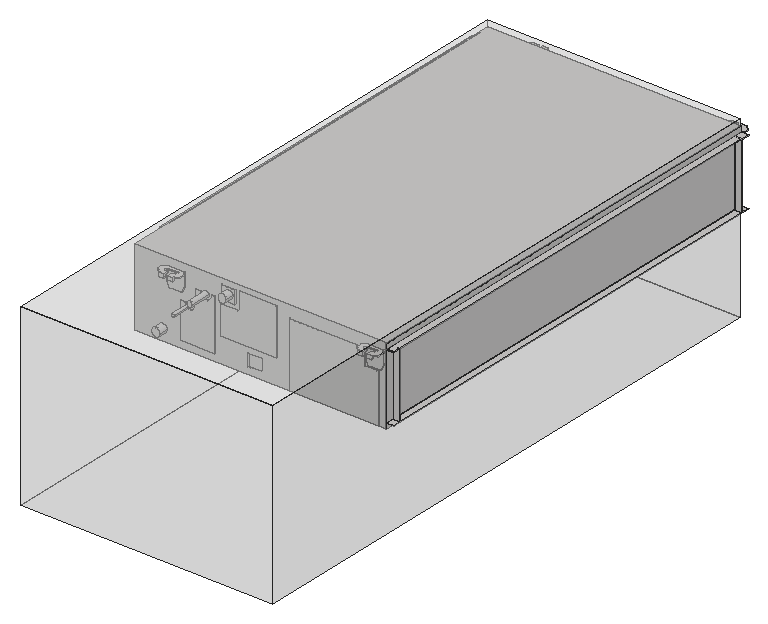
Revit family "outputfile", category 機械設備, Revit 2024
Family settings
  丸型コネクタ寸法 = 半径を使用
  パーツ タイプ = 標準
  OmniClass 番号 = 23.75.10.24.21.27.27
  OmniClass タイトル = Split System Air Conditioning Units
  作業面ベース = いいえ
  常に垂直 = はい
  ロード時にボイドで切り取り = いいえ
  注釈の向きを維持 = いいえ
  共有 = いいえ
  部屋計算ポイント = はい
Parameters (values of type "FBA85BVMA8")
  製造元 = "Daikin"
  書き出し IFC クラス(タイプ) = "IfcUnitaryEquipmentType"
  定義済み IFC タイプ(タイプ) = "AIRCONDITIONINGUNIT"
  モデル = "FBA85BVMA8"
  switch_frequency = yes
  r_Liquid Pipe Size = Liquid Pipe Size / 2  # 4.75 mm
  r_Gas Pipe Size = Gas Pipe Size / 2  # 7.95 mm
  r_Drain Pipe Size = Drain Pipe Size / 2  # 12.5 mm
  lw_power = 770.0 mm  # constant formula
  lh_SA = 138.0 mm  # constant formula
  lw_SA = if(Width = 550.0 mm, 225.0 mm, if(Width = 700.0 mm, 300.0 mm, if(Width = 1000.0 mm, 450.0 mm, if(Width = 1400.0 mm, 650.0 mm, 725.0 mm))))  # 650.0 mm
  lw_RA = if(Width = 550.0 mm, 275.0 mm, if(Width = 700.0 mm, 349.0 mm, if(Width = 1000.0 mm, 499.0 mm, if(Width = 1400.0 mm, 699.0 mm, 775.0 mm))))  # 699.0 mm
  lh_power = 60.0 mm + [h***]  # 60.0 mm
  lh_mountinghole1 = lh_mountinghole + [h***]  # 222.0 mm
  lh_RA = 123.0 mm  # constant formula
  ld_power = Width / 2  # 700.0 mm
  connector_voltage = Voltage_50Hz  # 230 V
  connector_powerinput = [Power Input (Cooling)]  # 2.640 kW
  connector_phase = Phase_50Hz  # 1
  Voltage_comment_60Hz = "220-230"
  Voltage_comment_50Hz = "220-240"
  Voltage_60Hz = 220 V
  Voltage_50Hz = 230 V
  Total Heating Capacity [instance] = 0.000 kW
  Supply Air Direction [instance] = yes
  Sound Power Level_H speed (dB) = 66
  Power Input (Heating) = 2.950 kW
  Phase_60Hz = 1
  Phase_50Hz = 1
  Nominal Heating Capacity = 10.000 kW
  Minimum External Static Pressure = 50.00 Pa
  Maximum External Static Pressure = 150.00 Pa
  Material_Casing = DAIKIN_GalvanizedSteel_Casing_indoorunit
  lw_mountinghole = 630.0 mm  # constant formula
  lh_gaspipe = 183.0 mm + [h***]  # 183.0 mm
  lh_mountinghole = 222.0 mm  # constant formula
  lh_liquidpipe = 136.0 mm + [h***]  # 136.0 mm
  lh_drainpipe = 207.0 mm + [h***]  # 207.0 mm
  lh_antena = Height - lh_mountinghole + 1.0 mm  # 24.0 mm
  ld_drainpipe = Width / 2 + 26.0 mm  # 726.0 mm
  ld_liquidpipe = Width / 2 + 69.0 mm  # 769.0 mm
  ld_gaspipe = Width / 2 + 65.0 mm  # 765.0 mm
  ld_mountinghole = Width + 38.0 mm  # 1438.0 mm
  h*** = 0.0 mm  # constant formula
  lw_liquidpipe = 179.0 mm  # constant formula
  lw_gaspipe = 229.0 mm  # constant formula
  lw_drainpipe = 300.0 mm  # constant formula
  Width = 1400.0 mm
  Version = "ver.1.0"
  Unit Type = "Duct"
  Unit Mass Weight = 47.00 kg
  Unit Designation [instance] = ""
  Uniclass2015Version = "Products v1.30"
  Uniclass2015Title = "Split coil room air conditioning units"
  Uniclass2015Code = "Pr_70_65_03_86"
  Total Cooling Capacity [instance] = 0.000 kW
  Sound Pressure Level_M speed (dBA) = 35.5
  Sound Pressure Level_L speed (dBA) = 33
  Sound Pressure Level_H speed (dBA) = 38
  Series = "SkyAir_Fan Coil Unit"
  Sensible Cooling Capacity [instance] = 0.000 kW
  SA Duct Size Width = 1192.0 mm
  SA Duct Size Height = 176.0 mm
  Refrigerant Type = "R32"
  RA Duct Size Width = 1352.0 mm
  RA Duct Size Height = 208.0 mm
  Power Input (Cooling) = 2.640 kW
  Option Accessory 3 [instance] = ""
  Option Accessory 2 [instance] = ""
  Option Accessory 1 [instance] = ""
  Nominal Cooling Capacity = 8.500 kW
  Minimum Airflow = 1350.00 m³/h
  Median Airflow = 1620.00 m³/h
  Maximum Airflow = 1920.00 m³/h
  Load Classification = HVAC
  Liquid Pipe Size = 9.5 mm
  Link_Nested Family [instance] = ""
  IfcVersion = ""
  IfcExportType = "AIRCONDITIONINGUNIT"
  IfcExportAs = "IfcUnitaryEquipmentType"
  Height = 245.0 mm
  Heating Entering Wet Bulb Temperature [instance] = -273.15 °C
  Heating Entering Dry Bulb Temperature [instance] = -273.15 °C
  Heating Ambient Wet Bulb Temperature [instance] = -273.15 °C
  Heating Ambient Dry Bulb Temperature [instance] = -273.15 °C
  Heat Exchanger Type = "Cross Fin Coil"
  Gas Pipe Size = 15.9 mm
  Frequency_60Hz = 60 Hz
  Frequency_50Hz = 50 Hz
  Fan Type = "Sirocco Fan"
  Fan Drive = "Direct Drive"
  FCU Tag No. [instance] = ""
  Drain Pipe Size = 25.0 mm
  Design Supply Airflow [instance] = 0.00 m³/h
  Design Return Airflow [instance] = 0.00 m³/h
  Design External Static Pressure [instance] = 0.00 Pa
  Depth = 800.0 mm
  既定の高さ = 0.0 mm
  Cooling Entering Wet Bulb Temperature [instance] = 0.00 °C
  Cooling Entering Dry Bulb Temperature [instance] = 0.00 °C
  Cooling Ambient Wet Bulb Temperature [instance] = 0.00 °C
  Cooling Ambient Dry Bulb Temperature [instance] = 0.00 °C
  Clearance visibility [instance] = yes
  Clearance Top = 20.0 mm
  Clearance Right = 0.0 mm
  Clearance Rear = 0.0 mm
  Clearance Left = 0.0 mm
  Clearance Front = 450.0 mm
  Clearance Bottom = 300.0 mm
Reference planes
  plane 1 "Center (Front/Back)": y = 0
  plane 2 "h": z = 0
  plane 3 "Center (Left/Right)": x = 0
  plane 4 "Back": y = 700
  plane 5 "Front": y = -700
  plane 6 "Left": x = -400
  plane 7 "Right": x = 400
  plane 8 "Top": z = 0
  plane 9 "Bottom": z = -245
  plane 10: y = -215
  plane 11: y = 700
  plane 12: y = -1150
  plane 13: x = -400
  plane 14: x = 400
  plane 15: z = 20
  plane 16: z = -545
  plane 17: x = -400
  plane 18: x = -399
  plane 19: x = 399
  plane 20: y = 50
  plane 21: y = -1
  plane 22: z = -122
  plane 23: y = -701
  plane 24: z = -109
  plane 25: x = -221
  plane 26: y = -765
  plane 27: z = -62
  plane 28: x = -171
  plane 29: y = -726
  plane 30: z = -38
  plane 31: x = -100
  plane 32: x = -100
  plane 33: x = -221
  plane 34: x = -171
  plane 35: x = 370
  plane 36: x = -266
  plane 37: x = 364
  plane 38: y = -719
  plane 39: y = 719
  plane 40: z = -23
  plane 41: z = -107
  plane 42: y = -769
  plane 43: z = -207
  plane 44: x = -309
  plane 45: y = -376
  plane 46: x = -251
  plane 47: x = -203
  plane 48: x = -144
  plane 49: z = -59
  plane 50: z = -106
  plane 51: z = -221
  plane 52: z = -109
  plane 53: x = -221
  plane 54: z = -62
  plane 55: x = -171
  plane 56: z = -17
  plane 57: z = -59
  plane 58: x = -121
  plane 59: x = -79
  plane 60: x = -125
  plane 61: x = -64
  plane 62: x = 53
  plane 63: z = -164
  plane 64: z = -73
  plane 65: z = -16
  plane 66: x = 93.5
  plane 67: x = 374.5
  plane 68: x = 330
  plane 69: z = -88.5
  plane 70: z = -38
  plane 71: z = -242.5
  plane 72: x = -38.5
  plane 73: x = 6.5
  plane 74: z = -181
  plane 75: z = -221
  plane 76: y = -699
  plane 77: x = -424
  plane 78: x = 424
Forms (mm)
  Extrusion 1, solid, material "DAIKIN_GalvanizedSteel_Casing_indoorunit" <- "Material_Casing"
    sketch origin (0, 0, 0) x (1, 0, 0) y (0, 1, 0)
      loop
        line (-399, 700) -> (-399, -700) -> (399, -700) -> (399, 700) -> (-399, 700)
    from -245 to 0
  Extrusion 2, solid, material "DAIKIN_GalvanizedSteel_Casing_indoorunit" <- "Material_Casing"
    sketch origin (0, 0, 0) x (1, 0, 0) y (0, 0, 1)
      loop
        line (-251, -221) -> (-144, -221) -> (-144, -59) -> (-154.47, -59)
        arc (-154.47, -59) -> (-171, -78.8) -> (-187.53, -59) r 16.8
        line (-187.53, -59) -> (-203, -59) -> (-203, -106) -> (-206.916, -106)
        arc (-206.916, -106) -> (-221, -123.4) -> (-235.084, -106) r 14.4
        line (-235.084, -106) -> (-251, -106) -> (-251, -221)
    from 700 to 701
  Extrusion 3, solid, material "DAIKIN_GalvanizedSteel_Casing_indoorunit" <- "Material_Casing"
    sketch origin (0, 0, 0) x (1, 0, 0) y (0, 0, 1)
      loop
        line (-121, -17) -> (-121, -59) -> (-79, -59) -> (-79, -17) -> (-121, -17)
      loop
        line (-125, -73) -> (-125, -164) -> (53, -164) -> (53, -16) -> (-64, -16) -> (-64, -73) -> (-125, -73)
    from 700 to 701
  Extrusion 4, solid, material "DAIKIN_GalvanizedSteel_Casing_indoorunit" <- "Material_Casing"
    sketch origin (0, 0, 0) x (1, 0, 0) y (0, 0, 1)
      loop
        line (93.5, -38) -> (93.5, -242.5) -> (374.5, -242.5) -> (374.5, -88.5) -> (330, -88.5) -> (330, -38) -> (93.5, -38)
    from 700 to 701
  Extrusion 5, solid, material "DAIKIN_GalvanizedSteel_Casing_indoorunit" <- "Material_Casing"
    sketch origin (0, 0, 0) x (1, 0, 0) y (0, 0, 1)
      loop
        circle (-221, -109) r 4.75
    from 700 to 769
  Extrusion 6, solid, material "DAIKIN_GalvanizedSteel_Casing_indoorunit" <- "Material_Casing"
    sketch origin (0, 0, 0) x (1, 0, 0) y (0, 0, 1)
      loop
        circle (-171, -62) r 7.95
    from 700 to 765
  Extrusion 7, solid, material "DAIKIN_GalvanizedSteel_Casing_indoorunit" <- "Material_Casing"
    sketch origin (0, 0, 0) x (1, 0, 0) y (0, 0, 1)
      loop
        circle (-100, -38) r 12.5
    from 701 to 726
  Extrusion 8, solid, material "DAIKIN_GalvanizedSteel_Casing_indoorunit" <- "Material_Casing"
    sketch origin (0, 0, 0) x (1, 0, 0) y (0, 0, 1)
      loop
        circle (-309, -207) r 13
    from 700 to 726
  Extrusion 9, void
    sketch origin (0, 0, 0) x (1, 0, 0) y (0, 0, 1)
      loop
        line (-38.5, -181) -> (-38.5, -221) -> (6.5, -221) -> (6.5, -181) -> (-38.5, -181)
    from 699 to 700
Cuts and joins
  Extrusion 9 cuts Extrusion 1
Dimensions and locks
  "Height": plane 8 "Top" to plane 9 "Bottom"
  equal spacing: plane 4 "Back", plane 1 "Center (Front/Back)", plane 5 "Front"
  "Width": plane 4 "Back" to plane 5 "Front"
  equal spacing: plane 6 "Left", plane 3 "Center (Left/Right)", plane 7 "Right"
  "Depth": plane 6 "Left" to plane 7 "Right"
  "Clearance Left": plane 13 to plane 6 "Left"
  "Clearance Right": plane 7 "Right" to plane 14
  "Clearance Rear": plane 11 to plane 4 "Back"
  "Clearance Front": plane 5 "Front" to plane 12
  "Clearance Top": plane 15 to plane 8 "Top"
  "Clearance Bottom": plane 9 "Bottom" to plane 16
  locked: plane 17 to plane 18 at 1
  locked: plane 19 to plane 14 at 1
  "lw_SA": plane 11 to plane 20
  "lw_RA": plane 21 to plane 5 "Front"
  "lh_RA": plane 22 to plane 9 "Bottom"
  locked: plane 5 "Front" to plane 23 at 1
  "lw_liquidpipe": plane 25 to plane 6 "Left"
  "lh_liquidpipe": plane 24 to plane 9 "Bottom"
  "lh_gaspipe": plane 27 to plane 9 "Bottom"
  "lw_gaspipe": plane 28 to plane 6 "Left"
  "ld_gaspipe": plane 26 to plane 1 "Center (Front/Back)"
  "ld_drainpipe": plane 29 to plane 1 "Center (Front/Back)"
  "lh_drainpipe": plane 30 to plane 9 "Bottom"
  "lw_drainpipe": plane 31 to plane 6 "Left"
  "lw_drainpipe": plane 6 "Left" to plane 32
  "lw_liquidpipe": plane 6 "Left" to plane 33
  "lw_gaspipe": plane 6 "Left" to plane 34
  "lw_power": plane 6 "Left" to plane 35
  locked: plane 17 to plane 36 at 134
  "lw_mountinghole": plane 36 to plane 37
  equal spacing: plane 38, plane 1 "Center (Front/Back)", plane 39
  "ld_mountinghole": plane 39 to plane 38
  "lh_mountinghole": plane 40 to plane 9 "Bottom"
  "lh_SA": plane 41 to plane 9 "Bottom"
  locked: plane 44 to plane 6 "Left" at 91
  locked: plane 43 to plane 9 "Bottom" at 38
  plane 48 to plane 47 to plane 46 to plane 6 "Left" = 59.0 mm, 48.0 mm, 149.0 mm
  plane 8 "Top" to plane 49 to plane 50 to plane 51 = 59.0 mm locked, 47.0 mm locked, 115.0 mm locked
  plane 55 to plane 53 to plane 6 "Left" = 50.0 mm locked, 179.0 mm locked
  plane 54 to plane 52 to plane 9 "Bottom" = 47.0 mm locked, 136.0 mm locked
  plane 59 to plane 58 to plane 6 "Left" = 42.0 mm locked, 279.0 mm locked
  plane 8 "Top" to plane 56 to plane 57 = 17.0 mm locked, 42.0 mm locked
  plane 62 to plane 61 to plane 60 to plane 6 "Left" = 117.0 mm, 61.0 mm, 275.0 mm
  plane 8 "Top" to plane 65 to plane 64 = 16.0 mm locked, 57.0 mm locked
  locked: plane 65 to plane 63 at 148
  plane 8 "Top" to plane 70 to plane 69 to plane 71 = 38.0 mm locked, 50.5 mm locked, 154.0 mm locked
  plane 67 to plane 68 to plane 66 to plane 6 "Left" = 44.5 mm locked, 236.5 mm locked, 493.5 mm locked
  plane 8 "Top" to plane 74 to plane 75 = 181.0 mm locked, 40.0 mm locked
  plane 73 to plane 72 to plane 6 "Left" = 45.0 mm, 361.5 mm
  locked: plane 76 to plane 5 "Front" at 1
  locked: plane 77 to plane 17 at 24
  locked: plane 14 to plane 78 at 24
  "ld_liquidpipe": plane 42 to plane 1 "Center (Front/Back)"
  "r_Liquid Pipe Size": radius of Extrusion 5 sketch curve
  "r_Gas Pipe Size": radius of Extrusion 6 sketch curve
  "r_Drain Pipe Size": radius of Extrusion 7 sketch curve
  aligned and locked: level to plane 2 "h"
  aligned and locked: plane 8 "Top" to Extrusion 1
  aligned and locked: Extrusion 1 to plane 9 "Bottom"
  aligned and locked: nested 5 to plane 12
  aligned and locked: plane 13 to nested 5
  aligned and locked: plane 14 to nested 5
  aligned and locked: nested 5 to plane 13
  aligned and locked: plane 11 to nested 5
  aligned and locked: plane 15 to nested 5
  aligned and locked: plane 16 to nested 5
  aligned and locked: plane 5 "Front" to Extrusion 1 sketch curve
  aligned and locked: Extrusion 1 to plane 18
  aligned and locked: plane 19 to Extrusion 1
  aligned and locked: nested 7 to plane 18
  aligned and locked: nested 7 to plane 20
  aligned and locked: plane 19 to nested 8
  aligned and locked: plane 21 to nested 8
  aligned and locked: plane 22 to nested 8
  aligned and locked: Extrusion 2 to plane 23
  aligned and locked: plane 5 "Front" to Extrusion 2
  aligned and locked: Extrusion 3 to plane 23
  aligned and locked: plane 5 "Front" to Extrusion 3
  aligned and locked: plane 5 "Front" to Extrusion 4
  aligned and locked: Extrusion 5 sketch curve to plane 25
  aligned and locked: plane 24 to Extrusion 5 sketch curve
  aligned and locked: plane 5 "Front" to Extrusion 5
  aligned and locked: Extrusion 6 sketch curve to plane 28
  aligned and locked: plane 27 to Extrusion 6 sketch curve
  aligned and locked: plane 5 "Front" to Extrusion 6
  aligned and locked: Extrusion 7 sketch curve to plane 31
  aligned and locked: Extrusion 7 sketch curve to plane 30
  aligned and locked: Extrusion 7 to plane 29
  aligned and locked: plane 23 to Extrusion 7
  aligned and locked: nested 3 to plane 29
  aligned and locked: nested 3 to plane 32
  aligned and locked: nested 2 to plane 33
  aligned and locked: nested 1 to plane 34
  aligned and locked: Extrusion 6 to plane 26
  aligned and locked: nested 1 to plane 26
  aligned and locked: nested 6 to plane 5 "Front"
  aligned and locked: nested 6 to plane 35
  aligned and locked: plane 36 to nested 10
  aligned and locked: nested 10 to plane 5 "Front"
  aligned and locked: plane 37 to nested 9
  aligned and locked: nested 9 to plane 5 "Front"
  aligned and locked: nested 11 to plane 36
  aligned and locked: plane 4 "Back" to nested 11
  aligned and locked: nested 12 to plane 37
  aligned and locked: plane 4 "Back" to nested 12
  aligned and locked: plane 40 to nested 10
  aligned and locked: plane 40 to nested 11
  aligned and locked: plane 40 to nested 9
  aligned and locked: plane 40 to nested 12
  aligned and locked: plane 36 to nested 14
  aligned and locked: nested 14 to plane 39
  aligned and locked: plane 37 to nested 13
  aligned and locked: nested 13 to plane 39
  aligned and locked: plane 37 to nested 16
  aligned and locked: plane 38 to nested 16
  aligned and locked: plane 38 to nested 15
  aligned and locked: plane 36 to nested 15
  aligned and locked: plane 17 to plane 6 "Left"
  aligned and locked: plane 41 to nested 7
  aligned and locked: Extrusion 5 to plane 42
  aligned and locked: nested 2 to plane 42
  aligned and locked: Extrusion 8 sketch curve to plane 44
  aligned and locked: plane 43 to Extrusion 8 sketch curve
  aligned and locked: plane 5 "Front" to Extrusion 8
  aligned and locked: Extrusion 3 sketch curve to plane 56
  aligned and locked: Extrusion 3 sketch curve to plane 58
  aligned and locked: plane 57 to Extrusion 3 sketch curve
  aligned and locked: plane 59 to Extrusion 3 sketch curve
  aligned and locked: Extrusion 4 to plane 23
  aligned and locked: Extrusion 9 sketch curve to plane 74
  aligned and locked: plane 75 to Extrusion 9 sketch curve
  aligned and locked: plane 73 to Extrusion 9 sketch curve
  aligned and locked: plane 5 "Front" to Extrusion 9
  aligned and locked: plane 76 to Extrusion 9
  aligned and locked: nested 17 to plane 20
  aligned and locked: nested 17 to plane 77
  aligned and locked: plane 21 to nested 18
  aligned and locked: plane 78 to nested 18
  aligned and locked: plane 41 to nested 17
  aligned and locked: nested 18 to plane 22
  aligned and locked: nested 4 to plane 3 "Center (Left/Right)"
  aligned and locked: plane 1 "Center (Front/Back)" to nested 4
  aligned and locked: level to plane 8 "Top"
  aligned and locked: Extrusion 8 to plane 29
Automatic sketch dimensions
  plane 6 "Left" to Extrusion 1 sketch curve = 1.0 mm
  Extrusion 1 sketch curve to plane 7 "Right" = 1.0 mm
  Extrusion 1 sketch curve to plane 4 "Back" = 0.0 mm
  Extrusion 2 sketch curve to plane 46 = 0.0 mm
  Extrusion 2 sketch curve to plane 33 = 0.0 mm
  Extrusion 2 sketch curve to plane 47 = 0.0 mm
  Extrusion 2 sketch curve to plane 34 = 0.0 mm
  Extrusion 2 sketch curve to plane 48 = 0.0 mm
  Extrusion 2 sketch curve to plane 51 = 0.0 mm
  Extrusion 2 sketch curve to plane 52 = 0.0 mm
  Extrusion 2 sketch curve to plane 50 = 0.0 mm  (x3)
  Extrusion 2 sketch curve to plane 54 = 0.0 mm
  Extrusion 2 sketch curve to plane 49 = 0.0 mm  (x3)
  plane 33 to Extrusion 2 sketch curve = 14.084 mm
  plane 34 to Extrusion 2 sketch curve = 16.53 mm
  Extrusion 3 sketch curve to plane 60 = 0.0 mm
  Extrusion 3 sketch curve to plane 61 = 0.0 mm
  Extrusion 3 sketch curve to plane 62 = 0.0 mm
  Extrusion 3 sketch curve to plane 63 = 0.0 mm
  Extrusion 3 sketch curve to plane 64 = 0.0 mm
  Extrusion 3 sketch curve to plane 65 = 0.0 mm
  Extrusion 4 sketch curve to plane 66 = 0.0 mm
  Extrusion 4 sketch curve to plane 68 = 0.0 mm
  Extrusion 4 sketch curve to plane 67 = 0.0 mm
  Extrusion 4 sketch curve to plane 71 = 0.0 mm
  Extrusion 4 sketch curve to plane 69 = 0.0 mm
  Extrusion 4 sketch curve to plane 70 = 0.0 mm
  Extrusion 9 sketch curve to plane 72 = 0.0 mm
  radius of Extrusion 8 sketch curve = 13.0 mm
Nested families
  nested 1: "daikin_connector_rotate2" at (-171, 0, -62), length <- "ld_gaspipe", built-in parameter 1001364 <- "lh_gaspipe", radius <- "r_Gas Pipe Size", type "daikin_connector_rotate2"
    with radius 7.95 mm, length 765.0 mm, angle_vertical 90.00°
  nested 2: "daikin_connector_rotate2" at (-221, 0, -109), length <- "ld_liquidpipe", built-in parameter 1001364 <- "lh_liquidpipe", radius <- "r_Liquid Pipe Size", type "daikin_connector_rotate2"
    with radius 4.75 mm, length 769.0 mm, angle_vertical 90.00°
  nested 3: "daikin_connector_rotate2" at (-100, 0, -38), length <- "ld_drainpipe", built-in parameter 1001364 <- "lh_drainpipe", radius <- "r_Drain Pipe Size", type "daikin_connector_rotate2"
    with radius 12.5 mm, length 726.0 mm, angle_vertical 90.00°
  nested 4: "daikin_△_symbolicline" at (0, 0, 245) x (0, -1, 0) z (0, 0, 1), built-in parameter 1001364 <- "Height", visible <- "Supply Air Direction", type "daikin_△_symbolicline"
    with length 200.0 mm
  nested 5: "daikin_clearancespace" at (0, -225, -262.381), visible <- "Clearance visibility", show <- "Clearance visibility", Link_Nested Family <- "Link_Nested Family", type "daikin_clearancespace"
    with width 800.0 mm, show yes, height 565.0 mm, depth 1850.0 mm, Link_Nested Family ""
  nested 6: "daikin_connector_rotate2" at (370, 0, -185), built-in parameter 1001364 <- "lh_power", length <- "ld_power", type "daikin_connector_rotate2"
    with radius 10.0 mm, length 700.0 mm, angle_vertical 90.00°
  nested 7: "daikin_ductflange_FBA-BVMA8_2" at (-399, 50, -107) x (0, -1, 0) z (0, 0, 1), type "daikin_ductflange_FBA-BVMA8_2"
  nested 8: "daikin_ductflange_FBA-BVMA8" at (399, -1, -122) x (0, 1, 0) z (0, 0, 1), type "daikin_ductflange_FBA-BVMA8"
    with width 1352.0 mm, lw 25.0 mm, w 1400.0 mm
  nested 9: "daikin_hangerfixture_FBA-BVMA8" at (364, -700, -23), type "daikin_hangerfixture_FBA-BVMA8"
  nested 10: "daikin_hangerfixture_FBA-BVMA8" at (-266, -700, -23), type "daikin_hangerfixture_FBA-BVMA8"
  nested 11: "daikin_hangerfixture_FBA-BVMA8" at (-266, 700, -23) x (-1, 0, 0) z (0, 0, 1), type "daikin_hangerfixture_FBA-BVMA8"
  nested 12: "daikin_hangerfixture_FBA-BVMA8" at (364, 700, -23) x (-1, 0, 0) z (0, 0, 1), type "daikin_hangerfixture_FBA-BVMA8"
  nested 13: "daikin_mountinghole" at (364, 719, -245), h_mountinghole <- "lh_mountinghole1", l_antenna <- "lh_antena", Link_Nested Family <- "Link_Nested Family", type "daikin_mountinghole"
    with show yes, l_antenna 24.0 mm, h_mountinghole 222.0 mm, Link_Nested Family ""
  nested 14: "daikin_mountinghole" at (-266, 719, -245), h_mountinghole <- "lh_mountinghole1", l_antenna <- "lh_antena", Link_Nested Family <- "Link_Nested Family", type "daikin_mountinghole"
    with show yes, l_antenna 24.0 mm, h_mountinghole 222.0 mm, Link_Nested Family ""
  nested 15: "daikin_mountinghole" at (-266, -719, -245), h_mountinghole <- "lh_mountinghole1", l_antenna <- "lh_antena", Link_Nested Family <- "Link_Nested Family", type "daikin_mountinghole"
    with show yes, l_antenna 24.0 mm, h_mountinghole 222.0 mm, Link_Nested Family ""
  nested 16: "daikin_mountinghole" at (364, -719, -245), h_mountinghole <- "lh_mountinghole1", l_antenna <- "lh_antena", Link_Nested Family <- "Link_Nested Family", type "daikin_mountinghole"
    with show yes, l_antenna 24.0 mm, h_mountinghole 222.0 mm, Link_Nested Family ""
  nested 17: "daikin_connector_rotate2" at (-400, 50, -107) x (0, -1, 0) z (0, 0, 1), type "daikin_connector_rotate2"
    with radius 10.0 mm, length 24.0 mm, angle_vertical 90.00°
  nested 18: "daikin_connector_rotate2" at (400, -1, -122) x (0, 1, 0) z (0, 0, 1), type "daikin_connector_rotate2"
    with radius 10.0 mm, length 24.0 mm, angle_vertical 90.00°
Connectors
  piping at (-100, -726, -38), diameter 25, driven by "r_Drain Pipe Size"
    settings: on nested 3, index 3, connector inside diameter 609.6 mm, connector length 0.0 mm, flow factor 0, pipe flow 0.00 m³/h, pressure drop 0.0 Pa, fitting loss kfactor 0, connector angle 0.00°, fixture units 0, engagement length 0.0 mm, angle of deflection 0.00°, flow configuration 1, flow direction 2, fitting loss method 4, system type 16, joint type 0, gender type 0, connector reference index -1, connector utility 0, adjustable connector no, is connector primary yes, connector description "Condensate Drain Piping"
  piping at (-171, -765, -62), diameter 15.9, driven by "r_Gas Pipe Size"
    settings: on nested 1, index 4, connector inside diameter 609.6 mm, connector length 0.0 mm, flow factor 0, pipe flow 0.00 m³/h, pressure drop 0.0 Pa, fitting loss kfactor 0, connector angle 0.00°, fixture units 0, engagement length 0.0 mm, angle of deflection 0.00°, flow configuration 1, flow direction 2, fitting loss method 0, system type 29, joint type 0, gender type 0, connector reference index -1, connector utility 0, adjustable connector no, is connector primary no, connector description "Refrigerant Gas Piping"
  piping at (-221, -769, -109), diameter 9.5, driven by "r_Liquid Pipe Size"
    settings: on nested 2, index 5, connector inside diameter 609.6 mm, connector length 0.0 mm, flow factor 0, pipe flow 0.00 m³/h, pressure drop 0.0 Pa, fitting loss kfactor 0, connector angle 0.00°, fixture units 0, engagement length 0.0 mm, angle of deflection 0.00°, flow configuration 1, flow direction 1, fitting loss method 0, system type 29, joint type 0, gender type 0, connector reference index -1, connector utility 0, adjustable connector no, is connector primary no, connector description "Refrigerant Liquid Piping"
  electrical at (370, -700, -185), driven by "Load Classification", driven by "connector_voltage", driven by "connector_phase", driven by "connector_powerinput"
    settings: on nested 6, index 6, voltage 230 V, apparent load 2640 VA, apparent load phase1 0 VA, apparent load phase2 0 VA, apparent load phase3 0 VA, power factor 1, load classification "HVAC", number of poles 1, system type 30, power factor state 1, is connector primary yes, connector utility no, sub classification motor no, connector description "Power Supply"
  hvac at (-424, 50, -107), driven by "SA Duct Size Height", driven by "SA Duct Size Width"
    settings: on nested 17, index 7, duct flow 0.00 m³/h, flow factor 0, pres drop 0.00 Pa, loss coef 0, conn angle 0.00°, conn width 1192.0 mm, conn height 176.0 mm, conn diameter 609.6 mm, duct sys type 1, conn prof type 1, flow config 0, flow direction 2, loss method 4, conn ref index -1, conn util no, is conn primary yes, conn desc "SA Duct"
  hvac at (424, -1, -122), driven by "RA Duct Size Height", driven by "RA Duct Size Width"
    settings: on nested 18, index 8, duct flow 0.00 m³/h, flow factor 0, pres drop 0.00 Pa, loss coef 0, conn angle 0.00°, conn width 1352.0 mm, conn height 208.0 mm, conn diameter 609.6 mm, duct sys type 2, conn prof type 1, flow config 0, flow direction 1, loss method 4, conn ref index -1, conn util no, is conn primary no, conn desc "RA Duct"
Definition of nested family "daikin_clearancespace"
  Parameters (values of type "daikin_clearancespace")
    Description = "daikin_clearancespace"
    width [instance] = 1823.963 mm
    show [instance] = yes
    material = none
    height [instance] = 1359.762 mm
    depth [instance] = 880.0 mm
    Default Elevation = 0.0 mm
    Link_Nested Family [instance] = ""
  Reference planes
    plane 1 "Center (Front/Back)": y = 0
    plane 2 "Center (Elevation)": z = -0.119
    plane 3 "Center (Left/Right)": x = 0
    plane 4: y = 440
    plane 5: y = -440
    plane 6 "Right": x = 911.982
    plane 7 "Left": x = -911.982
    plane 8 "Top": z = 679.762
    plane 9 "Bottom": z = -680
  Forms (mm)
    Extrusion 1, solid, material <- "material", visible <- "show"
      sketch origin (0, 0, 0) x (1, 0, 0) y (0, 1, 0)
        loop
          line (-911.982, 440) -> (-911.982, -440) -> (911.982, -440) -> (911.982, 440) -> (-911.982, 440)
      from -680 to 679.762
  Lines and regions (mm)
    symbolic lines, visible <- "show"
      curve 1: line (911.982, 440, 0) -> (-911.982, 440, 0)
      curve 2: line (-911.982, 440, 0) -> (-911.982, -440, 0)
      curve 3: line (-911.982, -440, 0) -> (911.982, -440, 0)
      curve 4: line (911.982, -440, 0) -> (911.982, 440, 0)
      curve 5: line (911.982, 0, 679.762) -> (-911.982, 0, 679.762)
      curve 6: line (911.982, 0, -680) -> (911.982, 0, 679.762)
      curve 7: line (-911.982, 0, -680) -> (911.982, 0, -680)
      curve 8: line (-911.982, 0, 679.762) -> (-911.982, 0, -680)
      curve 9: line (0, 440, 679.762) -> (0, -440, 679.762)
      curve 10: line (0, -440, 679.762) -> (0, -440, -680)
      curve 11: line (0, 440, -680) -> (0, 440, 679.762)
      curve 12: line (0, -440, -680) -> (0, 440, -680)
  Dimensions and locks
    "width": plane 7 "Left" to plane 6 "Right"
    "depth": plane 4 to plane 5
    "height": plane 8 "Top" to plane 9 "Bottom"
    equal spacing: plane 7 "Left", plane 3 "Center (Left/Right)", plane 6 "Right"
    equal spacing: plane 4, plane 1 "Center (Front/Back)", plane 5
    equal spacing: plane 8 "Top", plane 2 "Center (Elevation)", plane 9 "Bottom"
    aligned and locked: level to plane 2 "Center (Elevation)"
    aligned and locked: Extrusion 1 sketch curve to plane 4
    aligned and locked: plane 7 "Left" to Extrusion 1 sketch curve
    aligned and locked: Extrusion 1 sketch curve to plane 5
    aligned and locked: Extrusion 1 sketch curve to plane 6 "Right"
    aligned and locked: plane 8 "Top" to Extrusion 1
    aligned and locked: curve 1 to Extrusion 1
    aligned and locked: curve 2 to Extrusion 1
    aligned and locked: curve 3 to Extrusion 1
    aligned and locked: curve 4 to Extrusion 1
    aligned and locked: curve 5 to Extrusion 1
    aligned and locked: curve 6 to Extrusion 1
    aligned and locked: curve 7 to Extrusion 1
    aligned and locked: curve 8 to Extrusion 1
    aligned and locked: curve 9 to Extrusion 1
    aligned and locked: curve 10 to Extrusion 1
    aligned and locked: curve 11 to Extrusion 1
    aligned and locked: curve 12 to Extrusion 1
    aligned and locked: Extrusion 1 to plane 9 "Bottom"
Definition of nested family "daikin_ductflange_FBA-BVMA8_2"
  Parameters (values of type "daikin_ductflange_FBFC-DVMG2")
    width = if(w = 550.0 mm, 337.0 mm, if(w = 700.0 mm, 492.0 mm, if(w = 1000.0 mm, 792.0 mm, if(w = 1400.0 mm, 1192.0 mm, 1337.0 mm))))  # 1192.0 mm
    material = none
    height = 215.0 mm
    depth = 1.0 mm
    w = 1400.0 mm
    Default Elevation = 0.0 mm
  Reference planes
    plane 1 "Center (Front/Back)": y = 0
    plane 2: z = 0
    plane 3 "Center (Left/Right)": x = 0
    plane 4: z = 88
    plane 5: z = -88
    plane 6: y = -25
    plane 7: z = 106
    plane 8: z = 89
    plane 9: y = -1
    plane 10: x = -617.5
    plane 11: x = 617.5
    plane 12: z = -106
    plane 13: z = -89
    plane 14: y = -1
    plane 15: x = 596
    plane 16: x = -596
    plane 17: x = 597
    plane 18: z = 87
    plane 19: z = -87
    plane 20: x = -597
    plane 21: z = 87
    plane 22: z = -87
    plane 23: y = -1
  Forms (mm)
    Extrusion 1, solid, material <- "material"
      sketch origin (0, 0, 0) x (0, 1, 0) y (0, 0, 1)
        loop
          line (-25, 88) -> (0, 88) -> (0, 106) -> (-1, 106) -> (-1, 89) -> (-25, 89) -> (-25, 88)
      from -617.5 to 617.5
    Extrusion 2, solid, material <- "material"
      sketch origin (0, 0, 0) x (0, 1, 0) y (0, 0, 1)
        loop
          line (-25, -88) -> (-25, -89) -> (-1, -89) -> (-1, -106) -> (0, -106) -> (0, -88) -> (-25, -88)
      from -617.5 to 617.5
    Extrusion 3, solid, material <- "material"
      sketch origin (0, 0, 0) x (1, 0, 0) y (0, 0, 1)
        loop
          line (596, 88) -> (596, -88) -> (617.5, -88) -> (617.5, -87) -> (597, -87) -> (597, 87) -> (617.5, 87) -> (617.5, 88) -> (596, 88)
      from 0 to 25
    Extrusion 4, solid, material <- "material"
      sketch origin (0, 0, 0) x (1, 0, 0) y (0, 0, 1)
        loop
          line (-617.5, 88) -> (-617.5, 87) -> (-597, 87) -> (-597, -87) -> (-617.5, -87) -> (-617.5, -88) -> (-596, -88) -> (-596, 88) -> (-617.5, 88)
      from 0 to 25
    Extrusion 5, solid, material <- "material"
      sketch origin (0, 0, 0) x (1, 0, 0) y (0, 0, 1)
        loop
          line (-617.5, 88) -> (-617.5, -88) -> (-596, -88) -> (-596, 88) -> (-617.5, 88)
        loop
          line (617.5, 88) -> (596, 88) -> (596, -88) -> (617.5, -88) -> (617.5, 88)
      from 0 to 1
  Cuts and joins
    joined: Extrusion 1, Extrusion 2, Extrusion 3, Extrusion 4, Extrusion 5
  Dimensions and locks
    plane 4 to level to plane 5 = 88.0 mm, 88.0 mm
    locked: plane 6 to plane 1 "Center (Front/Back)" at 25
    locked: plane 9 to plane 1 "Center (Front/Back)" at 1
    locked: plane 8 to plane 4 at 1
    locked: plane 16 to plane 10 at 21.5
    locked: plane 17 to plane 15 at 1
    locked: plane 4 to plane 18 at 1
    locked: plane 19 to plane 5 at 1
    "width": plane 15 to plane 16
    plane 4 to plane 5 = 176.0 mm
    locked: plane 16 to plane 20 at 1
    locked: plane 4 to plane 21 at 1
    locked: plane 22 to plane 5 at 1
    locked: plane 23 to plane 1 "Center (Front/Back)" at 1
    plane 4 to level to plane 5 = 88.0 mm locked, 88.0 mm locked
    locked: plane 5 to plane 13 at 1
    locked: plane 5 to plane 12 at 18
    locked: plane 7 to plane 4 at 18
    equal spacing: plane 15, plane 3 "Center (Left/Right)", plane 16
    locked: plane 11 to plane 15 at 21.5
    plane 11 to plane 10 = 1235.0 mm
    aligned and locked: level to plane 2
    aligned and locked: Extrusion 1 to plane 10
    aligned and locked: plane 11 to Extrusion 1
    aligned and locked: plane 5 to Extrusion 2
    aligned and locked: Extrusion 2 to plane 1 "Center (Front/Back)"
    aligned and locked: plane 15 to Extrusion 3 sketch curve
    aligned and locked: Extrusion 3 sketch curve to Extrusion 2  (x2)
    aligned and locked: Extrusion 3 sketch curve to plane 11
    aligned and locked: plane 6 to Extrusion 3
    aligned and locked: Extrusion 2 to plane 10
    aligned and locked: plane 11 to Extrusion 2
    aligned and locked: Extrusion 4 sketch curve to Extrusion 1  (x2)
    aligned and locked: plane 5 to Extrusion 4 sketch curve
    aligned and locked: Extrusion 4 sketch curve to plane 16
    aligned and locked: Extrusion 4 sketch curve to plane 22
    aligned and locked: plane 20 to Extrusion 4 sketch curve
    aligned and locked: plane 21 to Extrusion 4 sketch curve
    aligned and locked: Extrusion 4 to plane 1 "Center (Front/Back)"
    aligned and locked: plane 6 to Extrusion 4
    aligned and locked: Extrusion 5 sketch curve to Extrusion 1  (x4)
    aligned and locked: Extrusion 5 sketch curve to Extrusion 4  (x2)
    aligned and locked: Extrusion 5 sketch curve to Extrusion 3  (x2)
    aligned and locked: Extrusion 5 to plane 1 "Center (Front/Back)"
    aligned and locked: plane 23 to Extrusion 5
  Automatic sketch dimensions
    Extrusion 1 sketch curve to plane 6 = 0.0 mm
    Extrusion 1 sketch curve to plane 7 = 0.0 mm
    Extrusion 1 sketch curve to plane 9 = 0.0 mm
    Extrusion 1 sketch curve to plane 1 "Center (Front/Back)" = 0.0 mm
    Extrusion 1 sketch curve to plane 4 = 0.0 mm
    Extrusion 1 sketch curve to plane 8 = 0.0 mm
    Extrusion 2 sketch curve to plane 6 = 0.0 mm
    plane 12 to Extrusion 2 sketch curve = 0.0 mm
    Extrusion 2 sketch curve to plane 14 = 0.0 mm
    Extrusion 2 sketch curve to plane 1 "Center (Front/Back)" = 0.0 mm
    plane 13 to Extrusion 2 sketch curve = 0.0 mm
    Extrusion 2 sketch curve to plane 5 = 0.0 mm
    Extrusion 3 sketch curve to plane 17 = 0.0 mm
    Extrusion 3 sketch curve to plane 19 = 0.0 mm
    Extrusion 3 sketch curve to plane 18 = 0.0 mm
    Extrusion 3 sketch curve to plane 4 = 0.0 mm
    Extrusion 4 sketch curve to plane 10 = 0.0 mm
Definition of nested family "daikin_ductflange_FBA-BVMA8"
  Parameters (values of type "daikin_ductflange_FBFC-DVMG")
    width = if(w = 550.0 mm, 502.0 mm, if(w = 700.0 mm, 654.0 mm, if(w = 1000.0 mm, 952.0 mm, if(w = 1400.0 mm, 1352.0 mm, 1502.0 mm))))  # 654.0 mm
    material = none
    lw = if(width = 654.0 mm, 23.0 mm, 25.0 mm)  # 23.0 mm
    height = 208.0 mm
    depth = 1.0 mm
    w = 700.0 mm
    Default Elevation = 0.0 mm
  Reference planes
    plane 1 "Center (Front/Back)": y = 0
    plane 2: z = 0
    plane 3 "Center (Left/Right)": x = 0
    plane 4: z = 104
    plane 5: z = -104
    plane 6: y = -25
    plane 7: z = 121
    plane 8: z = 105
    plane 9: y = -1
    plane 10: x = -350
    plane 11: x = 350
    plane 12: z = -122
    plane 13: z = -105
    plane 14: y = -1
    plane 15: x = 327
    plane 16: x = -327
    plane 17: x = 328
    plane 18: z = 103
    plane 19: z = -103
    plane 20: x = -328
    plane 21: z = 103
    plane 22: z = -103
    plane 23: y = -1
  Forms (mm)
    Extrusion 1, solid, material <- "material"
      sketch origin (0, 0, 0) x (0, 1, 0) y (0, 0, 1)
        loop
          line (-25, 104) -> (0, 104) -> (0, 121) -> (-1, 121) -> (-1, 105) -> (-25, 105) -> (-25, 104)
      from -350 to 350
    Extrusion 2, solid, material <- "material"
      sketch origin (0, 0, 0) x (0, 1, 0) y (0, 0, 1)
        loop
          line (-25, -104) -> (-25, -105) -> (-1, -105) -> (-1, -122) -> (0, -122) -> (0, -104) -> (-25, -104)
      from -350 to 350
    Extrusion 3, solid, material <- "material"
      sketch origin (0, 0, 0) x (1, 0, 0) y (0, 0, 1)
        loop
          line (327, 104) -> (327, -104) -> (350, -104) -> (350, -103) -> (328, -103) -> (328, 103) -> (350, 103) -> (350, 104) -> (327, 104)
      from 0 to 25
    Extrusion 4, solid, material <- "material"
      sketch origin (0, 0, 0) x (1, 0, 0) y (0, 0, 1)
        loop
          line (-350, 104) -> (-350, 103) -> (-328, 103) -> (-328, -103) -> (-350, -103) -> (-350, -104) -> (-327, -104) -> (-327, 104) -> (-350, 104)
      from 0 to 25
    Extrusion 5, solid, material <- "material"
      sketch origin (0, 0, 0) x (1, 0, 0) y (0, 0, 1)
        loop
          line (-350, 104) -> (-350, -104) -> (-327, -104) -> (-327, 104) -> (-350, 104)
        loop
          line (350, 104) -> (327, 104) -> (327, -104) -> (350, -104) -> (350, 104)
      from 0 to 1
  Cuts and joins
    joined: Extrusion 1, Extrusion 2, Extrusion 3, Extrusion 4, Extrusion 5
  Dimensions and locks
    plane 4 to level to plane 5 = 104.0 mm, 104.0 mm
    locked: plane 6 to plane 1 "Center (Front/Back)" at 25
    locked: plane 9 to plane 1 "Center (Front/Back)" at 1
    locked: plane 8 to plane 4 at 1
    "lw": plane 11 to plane 15
    "lw": plane 16 to plane 10
    locked: plane 17 to plane 15 at 1
    locked: plane 4 to plane 18 at 1
    locked: plane 19 to plane 5 at 1
    "width": plane 15 to plane 16
    equal spacing: plane 15, plane 3 "Center (Left/Right)", plane 16
    locked: plane 16 to plane 20 at 1
    locked: plane 4 to plane 21 at 1
    locked: plane 22 to plane 5 at 1
    locked: plane 23 to plane 1 "Center (Front/Back)" at 1
    locked: plane 7 to plane 4 at 17
    locked: plane 1 "Center (Front/Back)" to plane 14 at 1
    locked: plane 5 to plane 13 at 1
    "height": plane 4 to plane 5
    plane 11 to plane 10 = 700.0 mm
    locked: plane 12 to plane 13 at 17
    equal spacing: plane 4, level, plane 5
    aligned and locked: level to plane 2
    aligned and locked: Extrusion 1 to plane 10
    aligned and locked: plane 11 to Extrusion 1
    aligned and locked: plane 5 to Extrusion 2
    aligned and locked: Extrusion 2 to plane 1 "Center (Front/Back)"
    aligned and locked: plane 15 to Extrusion 3 sketch curve
    aligned and locked: Extrusion 3 sketch curve to Extrusion 2  (x2)
    aligned and locked: Extrusion 3 sketch curve to plane 11
    aligned and locked: plane 6 to Extrusion 3
    aligned and locked: Extrusion 2 to plane 10
    aligned and locked: plane 11 to Extrusion 2
    aligned and locked: Extrusion 4 sketch curve to Extrusion 1  (x2)
    aligned and locked: plane 5 to Extrusion 4 sketch curve
    aligned and locked: Extrusion 4 sketch curve to plane 16
    aligned and locked: Extrusion 4 sketch curve to plane 22
    aligned and locked: plane 20 to Extrusion 4 sketch curve
    aligned and locked: plane 21 to Extrusion 4 sketch curve
    aligned and locked: Extrusion 4 to plane 1 "Center (Front/Back)"
    aligned and locked: plane 6 to Extrusion 4
    aligned and locked: Extrusion 5 sketch curve to Extrusion 1  (x4)
    aligned and locked: Extrusion 5 sketch curve to Extrusion 4  (x2)
    aligned and locked: Extrusion 5 sketch curve to Extrusion 3  (x2)
    aligned and locked: Extrusion 5 to plane 1 "Center (Front/Back)"
    aligned and locked: plane 23 to Extrusion 5
  Automatic sketch dimensions
    Extrusion 1 sketch curve to plane 6 = 0.0 mm
    Extrusion 1 sketch curve to plane 7 = 0.0 mm
    Extrusion 1 sketch curve to plane 9 = 0.0 mm
    Extrusion 1 sketch curve to plane 1 "Center (Front/Back)" = 0.0 mm
    Extrusion 1 sketch curve to plane 4 = 0.0 mm
    Extrusion 1 sketch curve to plane 8 = 0.0 mm
    Extrusion 2 sketch curve to plane 6 = 0.0 mm
    plane 12 to Extrusion 2 sketch curve = 0.0 mm
    Extrusion 2 sketch curve to plane 14 = 0.0 mm
    Extrusion 2 sketch curve to plane 1 "Center (Front/Back)" = 0.0 mm
    plane 13 to Extrusion 2 sketch curve = 0.0 mm
    Extrusion 2 sketch curve to plane 5 = 0.0 mm
    Extrusion 3 sketch curve to plane 17 = 0.0 mm
    Extrusion 3 sketch curve to plane 19 = 0.0 mm
    Extrusion 3 sketch curve to plane 18 = 0.0 mm
    Extrusion 3 sketch curve to plane 4 = 0.0 mm
    Extrusion 4 sketch curve to plane 10 = 0.0 mm
Definition of nested family "daikin_hangerfixture_FBA-BVMA8"
  Parameters (values of type "daikin_hangerfixture_FXMQ-PAVE")
    width = 72.0 mm
    material = none
    height = 60.0 mm
    depth = 41.0 mm
    Default Elevation = 0.0 mm
  Reference planes
    plane 1 "Center (Front/Back)": y = 0
    plane 2: z = 0
    plane 3 "Center (Left/Right)": x = 0
    plane 4: y = 417.146
    plane 5: y = -41
    plane 6: x = -36
    plane 7: x = 36
    plane 8: z = -2.3
    plane 9: z = -60
    plane 10: y = -2.3
    plane 11: z = -12
    plane 12: y = -38.7
  Forms (mm)
    Extrusion 1, solid, material <- "material"
      sketch origin (0, 0, 0) x (1, 0, 0) y (0, 1, 0)
        loop
          line (-28, 0) -> (-28, -5)
          arc (-28, -5) -> (-29.127, -8.162) -> (-32, -9.899) r 5
          arc (-32, -9.899) -> (-34.873, -11.636) -> (-36, -14.798) r 5
          line (-36, -14.798) -> (-36, -27.178)
          arc (-36, -27.178) -> (-35.429, -29.499) -> (-33.846, -31.289) r 5
          line (-33.846, -31.289) -> (-23, -38.798) -> (-23, -41.098) -> (-6.5, -41.098) -> (-6.5, -28.498)
          arc (-6.5, -28.498) -> (-7.379, -26.377) -> (-9.5, -25.498) r 3
          line (-9.5, -25.498) -> (-13.5, -25.498)
          arc (-13.5, -25.498) -> (-20, -18.998) -> (-13.5, -12.498) r 6.5
          line (-13.5, -12.498) -> (13.5, -12.498)
          arc (13.5, -12.498) -> (20, -18.998) -> (13.5, -25.498) r 6.5
          line (13.5, -25.498) -> (9.5, -25.498)
          arc (9.5, -25.498) -> (7.379, -26.377) -> (6.5, -28.498) r 3
          line (6.5, -28.498) -> (6.5, -41.098) -> (23, -41.098) -> (23, -38.798) -> (33.846, -31.289)
          arc (33.846, -31.289) -> (35.429, -29.499) -> (36, -27.178) r 5
          line (36, -27.178) -> (36, -14.596)
          arc (36, -14.596) -> (34.873, -11.434) -> (32, -9.697) r 5
          arc (32, -9.697) -> (29.127, -7.96) -> (28, -4.798) r 5
          line (28, -4.798) -> (28, 0) -> (-28, 0)
      from 0 to -2.3
    Extrusion 2, solid, material <- "material"
      sketch origin (0, 0, 0) x (1, 0, 0) y (0, 0, 1)
        loop
          line (28, -39.037) -> (28, 0) -> (-28, 0) -> (-28, -39.037)
          arc (-28, -39.037) -> (-27.91, -39.983) -> (-27.642, -40.894) r 5
          line (-27.642, -40.894) -> (-21.257, -56.857)
          arc (-21.257, -56.857) -> (-19.418, -59.14) -> (-16.615, -60) r 5
          line (-16.615, -60) -> (16.615, -60)
          arc (16.615, -60) -> (19.418, -59.14) -> (21.257, -56.857) r 5
          line (21.257, -56.857) -> (27.642, -40.894)
          arc (27.642, -40.894) -> (27.91, -39.983) -> (28, -39.037) r 5
      from 0 to 2.3
    Extrusion 3, solid, material <- "material"
      sketch origin (0, 0, 0) x (1, 0, 0) y (0, 0, 1)
        loop
          line (-23, 0) -> (-23, -9)
          arc (-23, -9) -> (-22.121, -11.121) -> (-20, -12) r 3
          line (-20, -12) -> (-9.5, -12)
          arc (-9.5, -12) -> (-7.379, -11.121) -> (-6.5, -9) r 3
          line (-6.5, -9) -> (-6.5, 0) -> (-23, 0)
        loop
          line (23, 0) -> (6.5, 0) -> (6.5, -9)
          arc (6.5, -9) -> (7.379, -11.121) -> (9.5, -12) r 3
          line (9.5, -12) -> (20, -12)
          arc (20, -12) -> (22.121, -11.121) -> (23, -9) r 3
          line (23, -9) -> (23, 0)
      from 38.8 to 41.098
  Cuts and joins
    joined: Extrusion 1, Extrusion 2, Extrusion 3
  Dimensions and locks
    plane 2 to plane 8 = 2.3 mm
    "height": plane 2 to plane 9
    locked: plane 10 to plane 1 "Center (Front/Back)" at 2.3
    locked: plane 2 to plane 11 at 12
    locked: plane 12 to plane 5 at 2.3
    aligned and locked: level to plane 2
    aligned and locked: Extrusion 1 to plane 8
    aligned and locked: plane 2 to Extrusion 1
    aligned and locked: plane 2 to Extrusion 2 sketch curve
    aligned and locked: Extrusion 2 to plane 10
    aligned and locked: Extrusion 2 to plane 1 "Center (Front/Back)"
    aligned and locked: Extrusion 3 sketch curve to cut or joined group of Extrusion 1, Extrusion 2, Extrusion 3  (x3)
    aligned and locked: cut or joined group of Extrusion 1, Extrusion 2, Extrusion 3 to Extrusion 3
  Automatic sketch dimensions
    Extrusion 2 sketch curve to plane 7 = 8.0 mm
    Extrusion 2 sketch curve to plane 8 = 36.737 mm
    plane 6 to Extrusion 2 sketch curve = 19.385 mm
    Extrusion 1 sketch curve to plane 6 = 0.0 mm
    plane 1 "Center (Front/Back)" to Extrusion 1 sketch curve = 0.0 mm
    Extrusion 1 sketch curve to plane 7 = 0.0 mm
    plane 6 to Extrusion 1 sketch curve = 2.154 mm
    plane 6 to Extrusion 1 sketch curve = 3.0 mm
    Extrusion 1 sketch curve to Extrusion 1 sketch curve = 5.0 mm  (x3)
    Extrusion 1 sketch curve to plane 12 = 0.098 mm  (x2)
    Extrusion 1 sketch curve to Extrusion 1 sketch curve = 4.0 mm  (x2)
    Extrusion 1 sketch curve to plane 5 = 0.098 mm  (x2)
    Extrusion 1 sketch curve to plane 3 "Center (Left/Right)" = 6.5 mm
    plane 3 "Center (Left/Right)" to Extrusion 1 sketch curve = 6.5 mm
    Extrusion 1 sketch curve to Extrusion 1 sketch curve = 3.0 mm
    Extrusion 1 sketch curve to plane 7 = 8.0 mm
    Extrusion 1 sketch curve to plane 7 = 5.0 mm
    Extrusion 1 sketch curve to plane 7 = 3.0 mm
    Extrusion 1 sketch curve to plane 7 = 2.154 mm
    plane 12 to Extrusion 1 sketch curve = 7.411 mm  (x2)
    plane 12 to Extrusion 1 sketch curve = 10.202 mm  (x2)
    Extrusion 1 sketch curve to Extrusion 1 sketch curve = 6.5 mm  (x2)
    Extrusion 1 sketch curve to Extrusion 1 sketch curve = 12.38 mm
    Extrusion 1 sketch curve to plane 10 = 12.296 mm
    Extrusion 1 sketch curve to plane 10 = 2.7 mm
    Extrusion 1 sketch curve to plane 10 = 2.498 mm
    plane 6 to Extrusion 1 sketch curve = 4.0 mm
    Extrusion 1 sketch curve to Extrusion 1 sketch curve = 0.0 mm  (x2)
    Extrusion 1 sketch curve to plane 7 = 4.0 mm
    Extrusion 1 sketch curve to Extrusion 1 sketch curve = 4.111 mm
    Extrusion 3 sketch curve to level = 0.0 mm  (x2)
    Extrusion 3 sketch curve to plane 11 = 0.0 mm  (x2)
    plane 11 to Extrusion 3 sketch curve = 3.0 mm  (x2)
    plane 3 "Center (Left/Right)" to Extrusion 3 sketch curve = 6.5 mm
    Extrusion 3 sketch curve to Extrusion 3 sketch curve = 3.0 mm  (x2)
    Extrusion 2 sketch curve to plane 9 = 0.0 mm
    Extrusion 2 sketch curve to Extrusion 2 sketch curve = 11.385 mm
    plane 6 to Extrusion 2 sketch curve = 8.0 mm
    plane 9 to Extrusion 2 sketch curve = 20.963 mm
    Extrusion 2 sketch curve to Extrusion 2 sketch curve = 5.0 mm  (x2)
    plane 9 to Extrusion 2 sketch curve = 3.143 mm  (x3)
    Extrusion 2 sketch curve to Extrusion 2 sketch curve = 4.642 mm  (x2)
    Extrusion 2 sketch curve to Extrusion 2 sketch curve = 0.0 mm  (x2)
    Extrusion 2 sketch curve to Extrusion 2 sketch curve = 0.358 mm
    Extrusion 2 sketch curve to Extrusion 2 sketch curve = 1.857 mm  (x2)
Definition of nested family "daikin_connector_rotate2"
  Parameters (values of type "daikin_connector_rotate2")
    Default Elevation = 1219.2 mm
    show_face = no
    radius [instance] = 10.0 mm
    length [instance] = 600.0 mm
    d_surface = 10.0 mm
    angle_vertical [instance] = 90.00°
  Reference planes
    plane 1 "Center (Front/Back)": y = 0
    plane 2: z = 0
    plane 3 "Center (Left/Right)": x = 0
  Forms (mm)
    Extrusion 1, solid, visible <- "show_face"
      sketch origin (0, -600, 0) x (1, 0, 0) y (0, 0, 1)
        loop
          circle (0, 0) r 10
      from 0 to -10
  Lines and regions (mm)
    reference lines
      curve 1: line (0, 0, 0) -> (0, -600, 0)
    symbolic lines
      curve 2: circle (0, 0, 0) r 5 normal (0, 0, 1)
    model lines, visible <- "show_face"
      curve 3: line (0, 0, 0) -> (0, -600, 0)
  Dimensions and locks
    "length": curve 1 to curve 1
    "length": curve 3 to curve 3
    "d_surface": Extrusion 1 to Extrusion 1
    "radius": radius of Extrusion 1 sketch curve
    "angle_vertical": angle curve 1 to plane 1 "Center (Front/Back)"
    "angle_vertical": angle curve 3 to plane 1 "Center (Front/Back)"
    aligned and locked: level to plane 2
    aligned and locked: plane 1 "Center (Front/Back)" to curve 1
    aligned and locked: plane 2 to curve 1
    aligned and locked: plane 1 "Center (Front/Back)" to curve 2
    aligned and locked: plane 3 "Center (Left/Right)" to curve 2
    aligned and locked: plane 1 "Center (Front/Back)" to curve 3
    aligned and locked: plane 2 to curve 3
    aligned and locked: Extrusion 1 to Extrusion 1
  Automatic sketch dimensions
    Extrusion 1 sketch curve to level = 0.0 mm
    Extrusion 1 sketch curve to plane 3 "Center (Left/Right)" = 0.0 mm
    radius of curve 2 = 5.0 mm
Definition of nested family "daikin_△_symbolicline"
  Parameters (values of type "daikin_△_symbolicline")
    length [instance] = 200.0 mm
    Default Elevation = 0.0 mm
  Reference planes
    plane 1 "Center (Front/Back)": y = 0
    plane 2: z = 0
    plane 3 "Center (Left/Right)": x = 0
  Lines and regions (mm)
    symbolic lines
      curve 1: line (0, -173.205, 0) -> (100, 0, 0)
      curve 2: line (100, 0, 0) -> (-100, 0, 0)
      curve 3: line (-100, 0, 0) -> (0, -173.205, 0)
  Dimensions and locks
    equal spacing: curve 3, plane 3 "Center (Left/Right)", curve 2
    "length": curve 3 to curve 2
    "length": curve 3 to curve 3
    "length": curve 1 to curve 1
    aligned and locked: level to plane 2
    aligned and locked: curve 2 to plane 1 "Center (Front/Back)"
    aligned and locked: plane 3 "Center (Left/Right)" to curve 3
Definition of nested family "daikin_mountinghole"
  Parameters (values of type "daikin_mountinghole")
    Default Elevation = 1219.2 mm
    Type Comments = "mountinghole"
    show [instance] = yes
    material = none
    l_centerline = 100.0 mm
    l_antenna [instance] = 100.0 mm
    h_mountinghole [instance] = 0.0 mm
    d_circle = 30.0 mm
    Link_Nested Family [instance] = ""
  Reference planes
    plane 1 "Center (Front/Back)": y = 0
    plane 2: z = 0
    plane 3 "Center (Left/Right)": x = 0
    plane 4: y = 50
    plane 5: x = -50
    plane 6: x = 50
    plane 7: y = -50
    plane 8 "h_mountinghole": z = 0
    plane 9: z = 100
  Lines and regions (mm)
    model lines, detail levels fine
      curve 1: circle (0, 0, 0) r 15 normal (0, 0, 1)
      curve 2: line (-50, 0, 0) -> (50, 0, 0)
      curve 3: line (0, 50, 0) -> (0, -50, 0)
    symbolic lines, detail levels fine
      curve 4: circle (0, 0, 0) r 15 normal (0, 0, 1)
      curve 5: line (-50, 0, 0) -> (50, 0, 0)
      curve 6: line (0, 50, 0) -> (0, -50, 0)
    model lines
      curve 7: line (0, 0, 100) -> (0, 0, 0)
  Dimensions and locks
    equal spacing: plane 4, plane 1 "Center (Front/Back)", plane 7
    "l_centerline": plane 4 to plane 7
    equal spacing: plane 5, plane 3 "Center (Left/Right)", plane 6
    "l_centerline": plane 5 to plane 6
    "l_antenna": plane 9 to plane 8 "h_mountinghole"
    "h_mountinghole": plane 8 "h_mountinghole" to plane 2
    "d_circle": diameter of curve 1
    "d_circle": diameter of curve 4
    aligned and locked: level to plane 2
    aligned and locked: plane 1 "Center (Front/Back)" to curve 1
    aligned and locked: plane 3 "Center (Left/Right)" to curve 1
    aligned and locked: plane 1 "Center (Front/Back)" to curve 2
    aligned and locked: curve 3 to plane 3 "Center (Left/Right)"
    aligned and locked: plane 6 to curve 2
    aligned and locked: plane 5 to curve 2
    aligned and locked: plane 4 to curve 3
    aligned and locked: plane 7 to curve 3
    aligned and locked: plane 1 "Center (Front/Back)" to curve 4
    aligned and locked: plane 3 "Center (Left/Right)" to curve 4
    aligned and locked: plane 6 to curve 5
    aligned and locked: plane 5 to curve 5
    aligned and locked: plane 1 "Center (Front/Back)" to curve 5
    aligned and locked: plane 4 to curve 6
    aligned and locked: plane 7 to curve 6
    aligned and locked: curve 6 to plane 3 "Center (Left/Right)"
    aligned and locked: curve 7 to plane 3 "Center (Left/Right)"
    aligned and locked: plane 9 to curve 7
    aligned and locked: plane 8 "h_mountinghole" to curve 7
